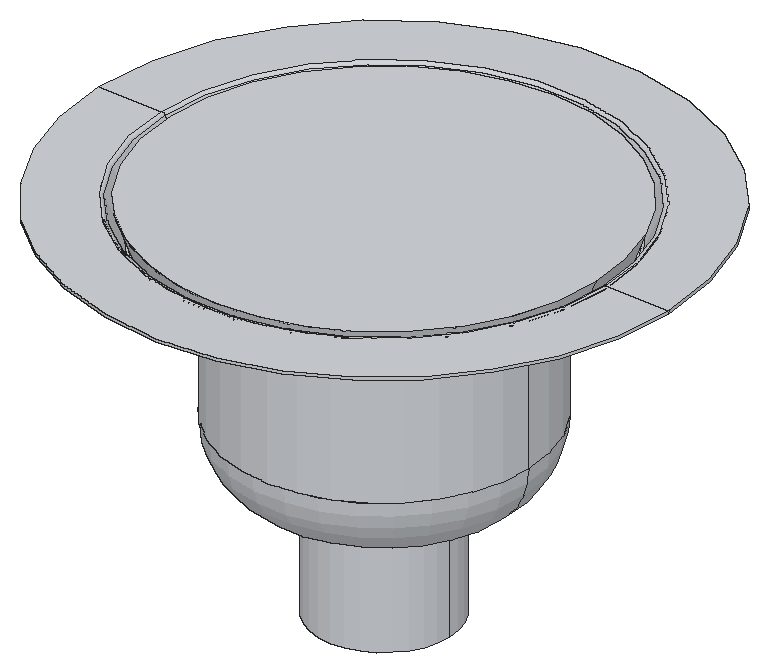
Revit family "S-599_Vertical", category Plumbing Fixtures, Revit 2015
Parameters (values of type "S-599_Vertical_Steel inox.")
  WFU = 1
  URL = "http://www.jimten.com/en/producto/333/sumidero-para-suelo-vinilico-salida-vertical"
  Total Minimum Height = "110 mm"  # constant formula
  Size = "Ø160 mm"  # constant formula
  Reference = "12453"  # constant formula
  Outlet = "50M/110M"  # constant formula
  Model = "S-599"  # constant formula
  Material = ABS (White)
  Manufacturer = "Jimten"  # constant formula
  Hidraulic seal = "50 mm"  # constant formula
  Grid = INOX AISI304
  Flowrate = 0.9 L/s  # constant formula
  Diameter = 50 mm  # constant formula
  Description = "VINYL FLOOR GULLY, REMOVABLE TRAP, WITH HAIR FILTER, VERTICAL OUTLET, WITH ROUND COVER INOX, VANDAL SAFE"  # constant formula
  Type Comments = "WITH PRESSING RING FOR VINYL WATERPROOFING MEMBRANES. WITH PROTECTION COVER "  # constant formula
  Clase carga = "K3"  # constant formula
Reference planes
  plane 1 "Center (Front/Back)": y = 0
  plane 2: z = 0
  plane 3 "Center (Left/Right)": x = 0
Dimensions and locks
  aligned and locked: level to plane 2
Nested families
  nested 1: "S-598-Grid" at (0, 0, 0), type "S-598-Grid"
  nested 2: "S-598-OutletVertical" at (0, 0, 0), type "S-598-OutletVertical"
Connectors
  piping at (0, 0, -140), diameter 50, driven by "WFU", driven by "Diameter", driven by "Flowrate"
    settings: on nested 2, index 1, connector inside diameter 609.6 mm, connector length 0 mm, flow factor 0, pipe flow 0.9 L/s, pressure drop 0.0 Pa, fitting loss kfactor 0, connector angle 0.00°, fixture units 1, engagement length 0 mm, angle of deflection 0.00°, flow configuration 0, flow direction 2, fitting loss method 0, system type 16, joint type 0, gender type 0, connector reference index -1, connector utility 0, adjustable connector yes, is connector primary yes, connector description ""
Definition of nested family "S-598-Grid"
  Parameters (values of type "S-598-Rejilla")
    Materia_Rejilla = none
  Reference planes
    plane 1 "Center (Front/Back)": y = 0
    plane 2: z = 0
    plane 3 "Center (Left/Right)": x = 0
    plane 4: z = -15
    plane 5 "DetalleRejilla": z = 1
  Forms (mm)
    Blend 1, solid
      base sketch origin (-125.198, -1524, -15) x (-1, 0, 0) y (0, -1, 0)
        loop
          circle (-125.198, -1524) r 75
      top sketch origin (-125.198, -1524, -15) x (-1, 0, 0) y (0, -1, 0)
        loop
          circle (-125.198, -1524) r 80.5
      from 0 to 15
  Lines and regions (mm)
    model lines, detail levels medium+fine
      curve 1: arc (-73.5, -14.925, 1) -> (0.019, -75, 1) -> (73.508, -14.888, 1) r 75
      curve 2: arc (73.508, 14.888, 1) -> (0.019, 75, 1) -> (-73.5, 14.925, 1) r 75
      curve 3: arc (73.508, 14.888, 1) -> (64.052, 0, 1) -> (73.508, -14.888, 1) r 16.448
      curve 4: arc (-73.5, -14.925, 1) -> (-64.015, 0, 1) -> (-73.5, 14.925, 1) r 16.485
      curve 5: circle (0, 0, 1) r 80.5 normal (0, 0, 1)
  Dimensions and locks
    plane 4 to plane 2 = 15 mm
    plane 5 "DetalleRejilla" to plane 2 = 1 mm
    aligned and locked: level to plane 2
    aligned and locked: level to Blend 1
Definition of nested family "S-598-OutletVertical"
  Parameters (values of type "S-599-OutletVertical")
    MaterialOutlet = none
  Reference planes
    plane 1 "Center (Front/Back)": y = 0
    plane 2: z = 0
    plane 3 "Center (Left/Right)": x = 0
    plane 4: z = -100
    plane 5: z = -140
  Forms (mm)
    Revolve 1, solid
      sketch origin (0, 0, 0) x (1, 0, 0) y (0, 0, 1)
        loop
          arc (55, -16.606) -> (55.293, -15.899) -> (56, -15.606) r 1
          line (56, -15.606) -> (76.629, -15.606)
          arc (76.629, -15.606) -> (77.434, -15.366) -> (77.976, -14.724) r 1.469
          line (77.976, -14.724) -> (83.69, -1.601)
          arc (83.69, -1.601) -> (84.059, -1.164) -> (84.607, -1) r 1
          line (84.607, -1) -> (108, -1) -> (108, 0) -> (84.31, 0)
          arc (84.31, 0) -> (83.489, -0.245) -> (82.936, -0.899) r 1.5
          line (82.936, -0.899) -> (77.198, -14.007)
          arc (77.198, -14.007) -> (76.829, -14.443) -> (76.282, -14.606) r 1
          line (76.282, -14.606) -> (56, -14.606)
          arc (56, -14.606) -> (54.586, -15.192) -> (54, -16.606) r 2
          line (54, -16.606) -> (54, -72.536)
          arc (54, -72.536) -> (48.454, -88.237) -> (34.278, -96.973) r 25
          line (34.278, -96.973) -> (24.893, -99) -> (24, -99) -> (24, -100) -> (25, -100) -> (34.489, -97.95)
          arc (34.489, -97.95) -> (49.233, -88.865) -> (55, -72.536) r 26
          line (55, -72.536) -> (55, -16.606)
        axis (0, 0) -> (0, -100)
      angle from 0 to 360
    Revolve 2, solid
      sketch origin (-6.656, -0.453, 0) x (1, 0, 0) y (0, 0, 1)
        loop
          line (75.98, -18) -> (75.98, -10.167) -> (73.872, -15.009)
          arc (73.872, -15.009) -> (73.503, -15.446) -> (72.955, -15.609) r 1
          line (72.955, -15.609) -> (61.5, -15.609)
          arc (61.5, -15.609) -> (60.793, -15.902) -> (60.5, -16.609) r 1
          line (60.5, -16.609) -> (60.5, -28) -> (65.98, -28)
          arc (65.98, -28) -> (73.051, -25.071) -> (75.98, -18) r 10
        axis (0, -10.167) -> (0, -28)
      angle from 0 to 7
    Revolve 3, solid
      sketch origin (0.453, -6.656, 0) x (0, 1, 0) y (0, 0, 1)
        loop
          line (75.98, -18) -> (75.98, -10.167) -> (73.872, -15.009)
          arc (73.872, -15.009) -> (73.503, -15.446) -> (72.955, -15.609) r 1
          line (72.955, -15.609) -> (61.5, -15.609)
          arc (61.5, -15.609) -> (60.793, -15.902) -> (60.5, -16.609) r 1
          line (60.5, -16.609) -> (60.5, -28) -> (65.98, -28)
          arc (65.98, -28) -> (73.051, -25.071) -> (75.98, -18) r 10
        axis (0, -10.167) -> (0, -28)
      angle from 0 to 7
    Revolve 4, solid
      sketch origin (6.656, 0.453, 0) x (-1, 0, 0) y (0, 0, 1)
        loop
          line (75.98, -18) -> (75.98, -10.167) -> (73.872, -15.009)
          arc (73.872, -15.009) -> (73.503, -15.446) -> (72.955, -15.609) r 1
          line (72.955, -15.609) -> (61.5, -15.609)
          arc (61.5, -15.609) -> (60.793, -15.902) -> (60.5, -16.609) r 1
          line (60.5, -16.609) -> (60.5, -28) -> (65.98, -28)
          arc (65.98, -28) -> (73.051, -25.071) -> (75.98, -18) r 10
        axis (0, -10.167) -> (0, -28)
      angle from 0 to 7
    Revolve 5, solid
      sketch origin (-0.453, 6.656, 0) x (0, -1, 0) y (0, 0, 1)
        loop
          line (75.98, -18) -> (75.98, -10.167) -> (73.872, -15.009)
          arc (73.872, -15.009) -> (73.503, -15.446) -> (72.955, -15.609) r 1
          line (72.955, -15.609) -> (61.5, -15.609)
          arc (61.5, -15.609) -> (60.793, -15.902) -> (60.5, -16.609) r 1
          line (60.5, -16.609) -> (60.5, -28) -> (65.98, -28)
          arc (65.98, -28) -> (73.051, -25.071) -> (75.98, -18) r 10
        axis (0, -10.167) -> (0, -28)
      angle from 0 to 7
    Extrusion 6, solid
      sketch origin (-696.277, -1524, -100) x (-1, 0, 0) y (0, -1, 0)
        loop
          circle (-696.277, -1524) r 25
        loop
          circle (-696.277, -1524) r 24
      from 0 to -40
  Dimensions and locks
    level to plane 4 = 100 mm
    plane 4 to plane 5 = 40 mm
    diameter of Extrusion 6 sketch curve = 50 mm
    aligned and locked: level to plane 2
    aligned and locked: Extrusion 6 to plane 5
